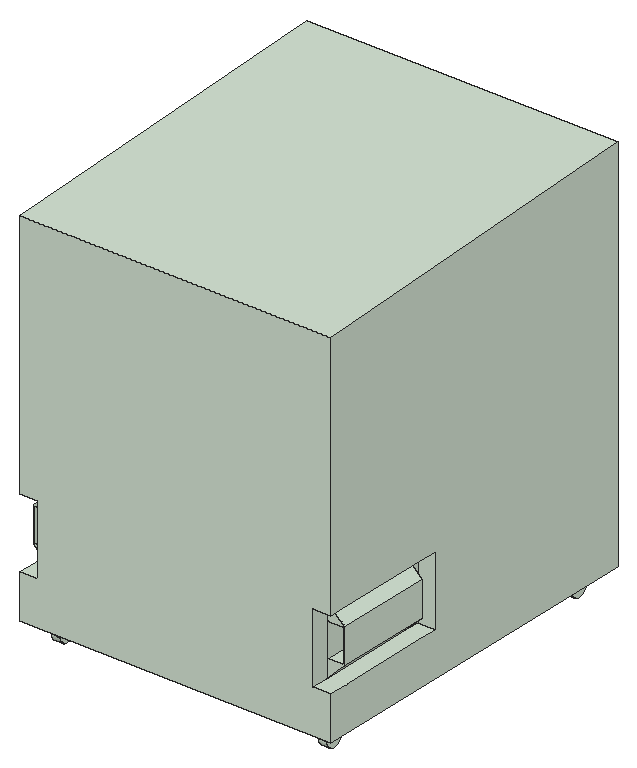
Revit family "323323 - Site Trash and Litter Receptacles - Dumpsters", category Specialty Equipment, Revit 2019
Family settings
  Round Connector Dimension = Use Diameter
  Part Type = Undefined
  Work Plane-Based = No
  Always vertical = Yes
  Cut with Voids When Loaded = No
  Shared = No
  Room Calculation Point = No
Parameters (values of type "10-Yard Bin")
  WIDTH = 5' - 11"
  Material = TRASH BIN
  HEIGHT - REAR = 7' - 8"
  HEIGHT - FRONT = 7' - 4"
  DEPTH = 6' - 10"
Types (6): name | WIDTH | HEIGHT - REAR | HEIGHT - FRONT | DEPTH
  3-Yard Bin | 6' - 0" | 4' - 0" | 3' - 9" | 4' - 0"
  2-Yard Bin | 5' - 11" | 3' - 9" | 3' - 5" | 2' - 11"
  4-Yard Bin | 5' - 11" | 5' - 6 1/2" | 5' - 2" | 4' - 3"
  6-Yard Bin | 5' - 11" | 5' - 6" | 5' - 2" | 6' - 1"
  8-Yard Bin | 5' - 11" | 6' - 7" | 6' - 3" | 6' - 11"
  10-Yard Bin | 5' - 11" | 7' - 8" | 7' - 4" | 6' - 10"
Reference planes (in)
  plane 1 "Center (Front/Back)": y = 0
  plane 2: z = 0
  plane 3 "Center (Left/Right)": x = 0
  plane 4 "LEFT": x = -35.5
  plane 5 "RIGHT": x = 35.5
  plane 6 "FRONT": y = -41
  plane 7 "BACK": y = 41
  plane 8: z = 5
  plane 9 "HEIGHT - REAR": z = 92
  plane 10 "HEIGHT - FRONT": z = 88
  plane 11 "LEFT INSIDE": x = -31.5
  plane 12 "RIGHT INSIDE": x = 31.5
  plane 13 "MID": z = 23
Forms (in)
  Extrusion 1, solid, material "TRASH BIN" <- "Material"
    sketch origin (-35.5, 0, 0) x (0, 1, 0) y (0, 0, 1)
      loop
        line (41, 92) -> (-41, 88) -> (-41, 5) -> (41, 5) -> (41, 92)
    from 0 to 71
  Extrusion 2, solid, material "TRASH BIN" <- "Material"
    sketch origin (-31.5, 0, 0) x (0, 1, 0) y (0, 0, 1)
      loop
        circle (35, 2) r 2
      loop
        circle (-35, 2) r 2
    from 0 to 2
  Extrusion 3, solid, material "TRASH BIN" <- "Material"
    sketch origin (31.5, 0, 0) x (0, 1, 0) y (0, 0, 1)
      loop
        circle (-35, 2) r 2
      loop
        circle (35, 2) r 2
    from 0 to -2
  Extrusion 4, void
    sketch origin (0, -41, 0) x (1, 0, 0) y (0, 0, 1)
      loop
        line (-35.5, 27) -> (-31.5, 31) -> (-35.5, 31) -> (-35.5, 27)
      loop
        line (-35.5, 19) -> (-35.5, 15) -> (-31.5, 15) -> (-35.5, 19)
      loop
        line (-35.375, 26.875) -> (-35.375, 19.125) -> (-31.625, 19.125) -> (-31.625, 26.875) -> (-35.375, 26.875)
      loop
        line (35.5, 27) -> (35.5, 31) -> (31.5, 31) -> (35.5, 27)
      loop
        line (35.5, 19) -> (31.5, 15) -> (35.5, 15) -> (35.5, 19)
      loop
        line (35.375, 26.875) -> (31.625, 26.875) -> (31.625, 19.125) -> (35.375, 19.125) -> (35.375, 26.875)
    from 0 to -30
  Extrusion 5, void
    sketch origin (-35.5, 0, 0) x (0, 1, 0) y (0, 0, 1)
      loop
        line (-37, 31) -> (-41, 31) -> (-41, 15) -> (-37, 15) -> (-37, 31)
    from 0 to 4
  Extrusion 6, void
    sketch origin (35.5, 0, 0) x (0, 1, 0) y (0, 0, 1)
      loop
        line (-41, 31) -> (-41, 15) -> (-37, 15) -> (-37, 31) -> (-41, 31)
    from 0 to -4
  Extrusion 7, void
    sketch origin (-35.5, 0, 0) x (0, 1, 0) y (0, 0, 1)
      loop
        line (-11, 31) -> (-15, 31) -> (-15, 15) -> (-11, 15) -> (-11, 31)
    from 0 to 4
  Extrusion 8, void
    sketch origin (35.5, 0, 0) x (0, 1, 0) y (0, 0, 1)
      loop
        line (-11, 15) -> (-11, 31) -> (-15, 31) -> (-15, 15) -> (-11, 15)
    from 0 to -4
Cuts and joins
  Extrusion 4, Extrusion 5, Extrusion 6, Extrusion 7, Extrusion 8 cuts Extrusion 1
Dimensions and locks (in)
  "DEPTH": plane 6 "FRONT" to plane 7 "BACK"
  "WIDTH": plane 4 "LEFT" to plane 5 "RIGHT"
  "HEIGHT - REAR": level to plane 9 "HEIGHT - REAR"
  "HEIGHT - FRONT": level to plane 10 "HEIGHT - FRONT"
  equal spacing: plane 6 "FRONT", plane 1 "Center (Front/Back)", plane 7 "BACK"
  equal spacing: plane 11 "LEFT INSIDE", plane 3 "Center (Left/Right)", plane 12 "RIGHT INSIDE"
  locked: plane 4 "LEFT" to plane 11 "LEFT INSIDE" at 4
  locked: plane 12 "RIGHT INSIDE" to plane 5 "RIGHT" at 4
  locked: plane 7 "BACK" to Extrusion 2 at 4
  locked: Extrusion 2 to plane 6 "FRONT" at 4
  locked: plane 6 "FRONT" to Extrusion 3 at 4
  locked: Extrusion 3 to plane 7 "BACK" at 4
  locked: cut or joined group of Extrusion 1, Extrusion 4, Extrusion 5, Extrusion 6, Extrusion 7, Extrusion 8 to cut or joined group of Extrusion 1, Extrusion 4, Extrusion 5, Extrusion 6, Extrusion 7, Extrusion 8 at 4  (x2)
  locked: Extrusion 7 to Extrusion 7 at 4
  locked: Extrusion 7 to plane 6 "FRONT" at 26
  aligned and locked: plane 5 "RIGHT" to Extrusion 1
  aligned and locked: Extrusion 5 sketch curve to plane 6 "FRONT"
  aligned and locked: cut or joined group of Extrusion 1, Extrusion 4, Extrusion 5, Extrusion 6, Extrusion 7, Extrusion 8 to plane 6 "FRONT"  (x2)
  aligned and locked: Extrusion 8 sketch curve to cut or joined group of Extrusion 1, Extrusion 4, Extrusion 5, Extrusion 6, Extrusion 7, Extrusion 8  (x3)
Automatic sketch dimensions
  Extrusion 1 sketch curve to plane 6 "FRONT" = 0' - 0"
  Extrusion 1 sketch curve to plane 7 "BACK" = 0' - 0"
  Extrusion 1 sketch curve to plane 8 = 0' - 0"
  Extrusion 1 sketch curve to plane 10 "HEIGHT - FRONT" = 0' - 0"
  Extrusion 1 sketch curve to plane 9 "HEIGHT - REAR" = 0' - 0"
  level to Extrusion 2 sketch curve = 0' - 2"  (x2)
  Extrusion 2 sketch curve to plane 6 "FRONT" = 0' - 6"
  plane 7 "BACK" to Extrusion 2 sketch curve = 0' - 6"
  level to Extrusion 3 sketch curve = 0' - 2"  (x2)
  Extrusion 3 sketch curve to plane 6 "FRONT" = 0' - 6"
  plane 7 "BACK" to Extrusion 3 sketch curve = 0' - 6"
  Extrusion 4 sketch curve to plane 4 "LEFT" = 0' - 0"  (x2)
  Extrusion 4 sketch curve to plane 11 "LEFT INSIDE" = 0' - 0"  (x2)
  Extrusion 4 sketch curve to plane 12 "RIGHT INSIDE" = 0' - 0"  (x2)
  Extrusion 4 sketch curve to plane 5 "RIGHT" = 0' - 0"  (x2)
  plane 4 "LEFT" to Extrusion 4 sketch curve = 0' - 0 1/8"
  Extrusion 4 sketch curve to plane 11 "LEFT INSIDE" = 0' - 0 1/8"
  plane 12 "RIGHT INSIDE" to Extrusion 4 sketch curve = 0' - 0 1/8"
  Extrusion 4 sketch curve to plane 5 "RIGHT" = 0' - 0 1/8"
  plane 13 "MID" to Extrusion 4 sketch curve = 0' - 8"  (x2)
  Extrusion 4 sketch curve to Extrusion 4 sketch curve = 0' - 4"  (x3)
  plane 13 "MID" to Extrusion 4 sketch curve = 0' - 4"
  Extrusion 4 sketch curve to Extrusion 4 sketch curve = 0' - 0 1/8"  (x3)
  plane 13 "MID" to Extrusion 4 sketch curve = 0' - 3 7/8"
  Extrusion 4 sketch curve to plane 13 "MID" = 0' - 3 7/8"  (x2)
  Extrusion 5 sketch curve to Extrusion 5 sketch curve = 0' - 4"
  plane 13 "MID" to Extrusion 5 sketch curve = 0' - 8"
  Extrusion 5 sketch curve to plane 13 "MID" = 0' - 8"
  Extrusion 6 sketch curve to plane 6 "FRONT" = 0' - 0"
  Extrusion 6 sketch curve to Extrusion 6 sketch curve = 0' - 4"
  plane 13 "MID" to Extrusion 6 sketch curve = 0' - 8"
  Extrusion 6 sketch curve to plane 13 "MID" = 0' - 8"
  plane 1 "Center (Front/Back)" to Extrusion 7 sketch curve = 1' - 3"
  plane 1 "Center (Front/Back)" to Extrusion 7 sketch curve = 0' - 11"
  plane 13 "MID" to Extrusion 7 sketch curve = 0' - 8"
  Extrusion 7 sketch curve to plane 13 "MID" = 0' - 8"
  Extrusion 8 sketch curve to plane 13 "MID" = 0' - 8"
  radius of Extrusion 2 sketch curve = 0' - 2"  (x2)
  radius of Extrusion 3 sketch curve = 0' - 2"  (x2)
